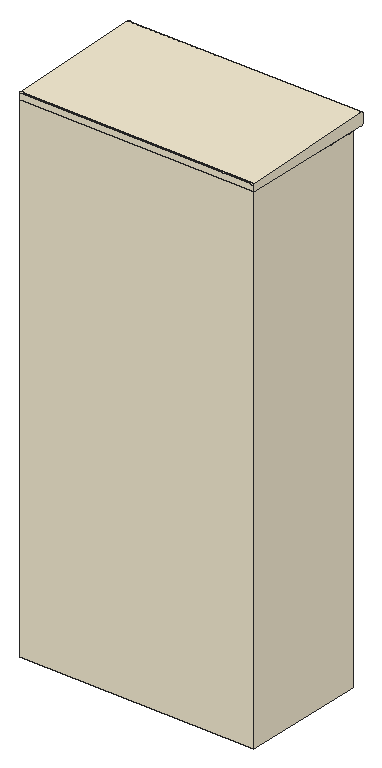
Revit family "Mailboxes_4C-Salsbury_Industries-Free_Standing-11_Door_High_Units", category Specialty Equipment, Revit 2016
Family settings
  Part Type = Normal
  Round Connector Dimension = Use Diameter
  OmniClass Number = 23.40.90.14.11
  OmniClass Title = Mail Boxes
  Work Plane-Based = No
  Always vertical = No
  Cut with Voids When Loaded = No
  Shared = No
  Room Calculation Point = No
Parameters (values of type "3911D-20")
  Width = 31.750"
  URL = "www.mailboxes.com"
  OmniClass 23 Title = "Mail Boxes"
  OmniClass 23 Number = "23.40.90.14.11"
  Visible Door Number [instance] = yes
  Vertical Center Divider = yes
  Version = "5.0 (01/01/21)"
  Type Comments = "Free-Standing 4C Standard Horizontal Mailbox - Front Loading"
  Top Back Plate = yes
  Right Inside Wall = yes
  Model = "3911D-20"
  MasterFormat Title = "Postal Specialties"
  MasterFormat Number = "10 55 00"
  Master Doors Open [instance] = 0.00°
  Master Door Rotation [instance] = if(Master Doors Open < 0.00°, 0.001°, if(Master Doors Open > 90.00°, 89.999°, if(Master Doors Open = 90.00°, 89.999°, Master Doors Open)))  # 0.00°
  Height = 69.375"
  Enclousre Opening - Width = 29.875"
  Enclosure Opening - Height = 40.12415"
  Door Rotation Limitation [instance] = if(Master Doors Open < 0.00°, 0.00°, if(Master Doors Open > 0.00°, 0.00°, Master Doors Open))  # 0.00°
  Manufacturer = "Salsbury Industries"
  Lock Material = Stainless Steel - Salsbury Finish -  Polished
  Left Inside Wall = yes
  Keynote = ""
  Front Panel Material [instance] = Painted Aluminum - Salsbury Finish - Sandstone
  Double Wide Hidden Components = yes
  Door Slot R9 Number [instance] = "18"
  Door Slot R9 = 3700 Series 4C Door Configurations : MB1 Door w/ Divider
  Door Slot R8 Number [instance] = "17"
  Door Slot R8 = 3700 Series 4C Door Configurations : MB1 Door w/ Divider
  Door Slot R7 Number [instance] = "16"
  Door Slot R7 = 3700 Series 4C Door Configurations : MB1 Door w/ Divider
  Door Slot R6 Number [instance] = "0"
  Door Slot R6 = 3700 Series 4C OM2 Configuration : OM2-FL
  Door Slot R5 Number [instance] = "0"
  Door Slot R5 = 3700 Series 4C Door Configurations : Empty
  Door Slot R4 Number [instance] = "15"
  Door Slot R4 = 3700 Series 4C Door Configurations : MB1 Door w/ Divider
  Door Slot R3 Number [instance] = "14"
  Door Slot R3 = 3700 Series 4C Door Configurations : MB1 Door w/ Divider
  Door Slot R2 Number [instance] = "13"
  Door Slot R2 = 3700 Series 4C Door Configurations : MB1 Door w/ Divider
  Door Slot R11 Number [instance] = "20"
  Door Slot R11 = 3700 Series 4C Door Configurations : MB1 Door w/ Divider
  Door Slot R10 Number [instance] = "19"
  Door Slot R10 = 3700 Series 4C Door Configurations : MB1 Door w/ Divider
  Door Slot R1 Number [instance] = "12"
  Door Slot R1 = 3700 Series 4C Door Configurations : MB1 Door
  Door Slot L9 Number [instance] = "9"
  Door Slot L9 = 3700 Series 4C Door Configurations : MB1 Door w/ Divider
  Door Slot L8 Number [instance] = "8"
  Door Slot L8 = 3700 Series 4C Door Configurations : MB1 Door w/ Divider
  Door Slot L7 Number [instance] = "7"
  Door Slot L7 = 3700 Series 4C Door Configurations : MB1 Door w/ Divider
  Door Slot L6 Number [instance] = "6"
  Door Slot L6 = 3700 Series 4C Door Configurations : MB1 Door w/ Divider
  Door Slot L5 Number [instance] = "5"
  Door Slot L5 = 3700 Series 4C Door Configurations : MB1 Door w/ Divider
  Door Slot L4 Number [instance] = "4"
  Door Slot L4 = 3700 Series 4C Door Configurations : MB1 Door w/ Divider
  Door Slot L3 Number [instance] = "3"
  Door Slot L3 = 3700 Series 4C Door Configurations : MB1 Door w/ Divider
  Door Slot L2 Number [instance] = "2"
  Door Slot L2 = 3700 Series 4C Door Configurations : MB1 Door w/ Divider
  Door Slot L11 Number [instance] = "11"
  Door Slot L11 = 3700 Series 4C Door Configurations : MB1 Door w/ Divider
  Door Slot L10 Number [instance] = "10"
  Door Slot L10 = 3700 Series 4C Door Configurations : MB1 Door w/ Divider
  Door Slot L1 Number [instance] = "1"
  Door Slot L1 = 3700 Series 4C Door Configurations : MB1 Door
  NoMasterDoors [instance] = no
  Master Door Control [instance] = if(NoMasterDoors, Door Rotation Limitation, Master Door Rotation)  # 0.00°
  Door Depth = 0.190"
  Description = "11 Door High Unit: 20 MB1, OM2"
  Depth = 18.500"
  4C Unit Depth = 16.450"
  Decals = Polycarbonate Film - Salsbury Finish - White
  Compartment Doors Open [instance] = 0.00°
  Compartment Door Rotation [instance] = if(Compartment Doors Open < 0.00°, 0.00°, if(Compartment Doors Open > 90.00°, 90.00°, Compartment Doors Open))  # 0.00°
  Center Extrusion Offset = 0.000"
  Center Divider Offset = 14.381"
  Bottom Back Plate = yes
  Back Enclosure Material = Aluminum Alloy - Salsbury Finish - Clear (No finish)
  Assembly Description = "Mailboxes"
  Assembly Code = "C1030910"
  AFF Top of Bottom Shelf [instance] = 28.000"
  AFF Bottom of Unit [instance] = AFF Top of Bottom Shelf - 2.059"  # 25.941"
  AFF Bottom of Doors [instance] = AFF Top of Bottom Shelf - 0.154"  # 27.846"
  4C Unit Width = 31.097"
  4C Unit Height = 41.38915"
Reference planes (in)
  plane 1 "Wall Centerline": y = -3
  plane 2 "Center (Left/Right)": x = 0
  plane 3 "Front": y = 0
  plane 4 "28" AFF": z = 28
  plane 5 "36" AFF": z = 36
  plane 6 "48" AFF": z = 48
  plane 7 "Bottom of Unit": z = 26.301
  plane 8 "Top of 4C Unit": z = 67.69015
  plane 9 "Left Side of Unit": x = 15.5485
  plane 10 "Right Side of Unit": x = -15.5485
  plane 11 "28" AFF_Bottom of Unit": z = 23.933
  plane 12 "Top Horiz Trim Align": z = 66.64554
  plane 13 "Bottom Horiz Trim Align": z = 27.34638
  plane 14 "Left Trim Align": x = 14.5035
  plane 15 "Right Trim Align": x = -14.5035
  plane 16 "Left Door Align": x = 13.6475
  plane 17 "Right Door Align": x = -13.6475
  plane 18 "Top Horiz Door Align": z = 66.096
  plane 19 "Bottom Horiz Door Align": z = 27.846
  plane 20 "Front Face of Unit": y = 0.265
  plane 21 "Top Housing Align": z = 66.93811
  plane 22 "Top Collar Align": z = 66.79011
  plane 23 "Top Box Align": z = 66.22124
  plane 24 "Vertical Housing Align": y = -1.205
  plane 25 "Vertical Collar Align": y = -2.205
  plane 26 "Back of 4C Unit": y = -16.185
  plane 27 "Bottom Housing Align": z = 27.05256
  plane 28 "Bottom Collar Align": z = 27.20056
  plane 29 "Bottom Box Align": z = 27.58138
  plane 30 "Door Alignment": y = -0.33191
  plane 31 "Right Housing Align": x = -14.79658
  plane 32 "Right Collar Align": x = -13.6475
  plane 33 "Right Box Side Align": x = -13.03558
  plane 34 "Left Housing Align": x = 14.79658
  plane 35 "Left Collar Align": x = 13.6475
  plane 36 "Left Side Box Align": x = 13.03558
  plane 37 "Top Back Plate Align": z = 65.47224
  plane 38 "Bottom Back Plate Align": z = 28.33038
  plane 39 "Center": y = -8.235
  plane 40 "RO Left Side": x = 14.9375
  plane 41 "RO Right Side": x = -14.9375
  plane 42 "RO Bottom": z = 26.934
  plane 43 "RO Top": z = 67.05815
  plane 44 "Horiz Centerline": z = 32.4705
  plane 45: z = 27.72038
  plane 46: x = 12.95458
  plane 47: x = 12.88233
  plane 48 "Center Extrusion": x = 0
  plane 49 "Center Extrusion Offset": x = 0
  plane 50 "Row 11 Top Align": z = 31.346
  plane 51 "Row 10 Top Align": z = 34.846
  plane 52 "Row 9 Top Align": z = 38.346
  plane 53 "Row 8 Top Align": z = 41.846
  plane 54 "Row 7 Top Align": z = 45.346
  plane 55 "Row 6 Top Align": z = 48.846
  plane 56 "Row 5 Top Align": z = 52.346
  plane 57 "Row 4 Top Align": z = 55.846
  plane 58 "Row 3 Top Align": z = 59.346
  plane 59 "Row 2 Top Align": z = 62.846
  plane 60 "Top Latch Align": z = 58.38315
  plane 61 "Right Latch Align": x = -0.7335
  plane 62 "Left Latch Align": x = 0.7335
  plane 63 "Latch Alignment Edge": x = -15.5485
  plane 64: x = -12.88258
  plane 65: x = -12.95458
  plane 66: y = -16.26703
  plane 67: x = -2.29612
  plane 68: x = -1.15702
  plane 69: x = 1.15617
  plane 70: x = 2.04167
  plane 71: y = -16.10297
  plane 72: x = -1.0775
  plane 73: x = 1.0775
  plane 74: z = 64.18524
  plane 75: z = 29.617
  plane 76: z = 66.26457
  plane 77: z = 27.77538
  plane 78: z = 66.32042
  plane 79: x = 1.11967
  plane 80: x = -1.12052
  plane 81: y = -1.126
  plane 82 "Back Center Divider": x = 0.7625
  plane 83: y = -6
  plane 84 "Single Column Unit Width": x = -6.70398
  plane 85 "Center Extrusion-right side": x = -1.077
  plane 86 "Center Extrusion-left side": x = 1.078
  plane 87 "Master Door Y Plane - Left": x = 14.32093
  plane 88 "Master Door X Plane": y = 0.07473
  plane 89 "Master Door Y Plane - Right": x = -14.3205
  plane 90 "Bottom Shelf AFF": z = 28
  plane 91: x = -15.8755
  plane 92: x = 15.8745
  plane 93 "Back of Enclosure": y = -16.735
  plane 94: x = -15.7945
  plane 95: x = 15.7935
  plane 96: y = -16.654
  plane 97: z = 67.61
  plane 98: z = 67.691
  plane 99: z = 0.081
  plane 100: z = 0
  plane 101 "Top of Unit": z = 69.375
  plane 102 "Front of Unit": y = 1.765
Forms (in)
  Extrusion 1, solid, material "Painted Aluminum - Salsbury Finish - Sandstone" <- "Front Panel Material"
    sketch origin (0, 0, -2.75) x (1, 0, 0) y (0, 0, 1)
      loop
        line (15.5485, 70.44015) -> (-15.5485, 70.44015) -> (-15.5485, 29.051) -> (15.5485, 29.051) -> (15.5485, 70.44015)
      loop
        line (14.5035, 69.39554) -> (-14.5035, 69.39554) -> (-14.5035, 30.09638) -> (14.5035, 30.09638) -> (14.5035, 69.39554)
    from -0.265 to 0
  Extrusion 2, solid, material "Painted Aluminum - Salsbury Finish - Sandstone" <- "Front Panel Material"
    sketch origin (-1.25, 0, 81.33475) x (1, 0, 0) y (0, 0, 1)
      loop
        line (-13.54658, -54.28219) -> (16.04658, -54.28219) -> (16.04658, -14.39664) -> (-13.54658, -14.39664) -> (-13.54658, -54.28219)
      loop
        line (-12.3975, -14.54464) -> (-12.3975, -54.13419) -> (14.8975, -54.13419) -> (14.8975, -14.54464) -> (-12.3975, -14.54464)
    from 0 to 1.205
  Extrusion 3, solid, material "Painted Aluminum - Salsbury Finish - Sandstone" <- "Front Panel Material"
    sketch origin (27.40758, -1.205, -20.16337) x (0, 0, 1) y (-1, 0, 0)
      loop
        line (47.36393, 41.05508) -> (47.36393, 13.76008) -> (86.95347, 13.76008) -> (86.95347, 41.05508) -> (47.36393, 41.05508)
      loop
        line (86.38461, 40.44316) -> (47.74475, 40.44316) -> (47.74475, 14.372) -> (86.38461, 14.372) -> (86.38461, 40.44316)
    from 0 to 1
  Extrusion 4, solid, material "Aluminum Alloy - Salsbury Finish - Clear (No finish)" <- "Back Enclosure Material"
    sketch origin (-1.83189, -1.205, -0.25) x (0, 0, 1) y (-1, 0, 0)
      loop
        line (66.47124, 11.20369) -> (27.83138, 11.20369) -> (27.83138, 11.12269) -> (66.47124, 11.12269) -> (66.47124, 11.20369)
    from 0 to 14.89797
  Extrusion 5, solid, material "Aluminum Alloy - Salsbury Finish - Clear (No finish)" <- "Back Enclosure Material", visible <- "Right Inside Wall"
    sketch origin (13.0175, -1.205, -0.25) x (0, 0, 1) y (-1, 0, 0)
      loop
        line (66.47124, 14.17452) -> (27.83138, 14.17452) -> (27.83138, 14.095) -> (66.47124, 14.095) -> (66.47124, 14.17452)
    from 0 to 14.89797
  Extrusion 6, solid, material "Aluminum Alloy - Salsbury Finish - Clear (No finish)" <- "Back Enclosure Material"
    sketch origin (1.79283, -1.205, -2.75) x (0, 0, 1) y (-1, 0, 0)
      loop
        line (68.97124, -11.24275) -> (68.97124, -11.16175) -> (30.33138, -11.16175) -> (30.33138, -11.24275) -> (68.97124, -11.24275)
    from 0 to 14.89797
  Extrusion 7, solid, material "Aluminum Alloy - Salsbury Finish - Clear (No finish)" <- "Back Enclosure Material", visible <- "Left Inside Wall"
    sketch origin (-11.7675, -1.205, -2.75) x (0, 0, 1) y (-1, 0, 0)
      loop
        line (68.97124, -12.92367) -> (68.97124, -12.845) -> (30.33138, -12.845) -> (30.33138, -12.92367) -> (68.97124, -12.92367)
    from 0 to 14.89797
  Extrusion 8, solid, material "Aluminum Alloy - Salsbury Finish - Clear (No finish)" <- "Back Enclosure Material"
    sketch origin (0, -16.185, -2.75) x (0, 0, 1) y (-1, 0, 0)
      loop
        line (68.97124, 13.03558) -> (30.33138, 13.03558) -> (30.33138, -13.03558) -> (68.97124, -13.03558) -> (68.97124, 13.03558)
    from -0.08203 to 0
  Extrusion 9, solid, material "Aluminum Alloy - Salsbury Finish - Clear (No finish)" <- "Back Enclosure Material"
    sketch origin (-2.5, 1.25, 16.5725) x (1, 0, 0) y (0, 1, 0)
      loop
        line (-10.45458, -2.455) -> (-10.45458, -17.35297) -> (15.45458, -17.35297) -> (15.45458, -2.455) -> (-10.45458, -2.455)
    from 11.14788 to 11.4275
  Extrusion 10, solid, material "Aluminum Alloy - Salsbury Finish - Clear (No finish)" <- "Back Enclosure Material", visible <- "Top Back Plate", detail levels medium+fine
    sketch origin (1.25, -16.185, -2.75) x (0, 0, 1) y (-1, 0, 0)
      loop
        line (68.22224, 3.54612) -> (66.93524, 3.54612) -> (66.93524, -0.79167) -> (68.22224, -0.79167) -> (68.22224, 3.54612)
    from 0 to 0.08203
  Extrusion 11, solid, material "Aluminum Alloy - Salsbury Finish - Clear (No finish)" <- "Back Enclosure Material", visible <- "Bottom Back Plate", detail levels medium+fine
    sketch origin (0, -16.185, 81.36475) x (0, 0, -1) y (1, 0, 0)
      loop
        line (53.03437, -2.29612) -> (53.03437, 2.04167) -> (51.74775, 2.04167) -> (51.74775, -2.29612) -> (53.03437, -2.29612)
    from 0 to 0.08203
  Extrusion 12, void
    sketch origin (0, 0, 0) x (0, 0, 1) y (0, 1, 0)
      loop
        line (66.22124, -1.205) -> (66.64554, -1.205) -> (66.64554, 0) -> (27.34638, 0) -> (27.34638, -1.205) -> (27.58138, -1.205) -> (27.58138, -16.185) -> (66.22124, -16.185) -> (66.22124, -1.205)
    from 1.077 to -1.078
  Extrusion 13, solid, material "Aluminum Alloy - Salsbury Finish - Clear (No finish)" <- "Back Enclosure Material", visible <- "Double Wide Hidden Components"
    sketch origin (-0.77934, 13.06, -0.25) x (0, 0, 1) y (1, 0, 0)
      loop
        line (66.47124, 1.93552) -> (27.83138, 1.93552) -> (27.83138, -0.37767) -> (66.47124, -0.37767) -> (66.47124, 1.93552)
    from -14.186 to -14.265
  Extrusion 14, solid, material "Aluminum Alloy - Salsbury Finish - Clear (No finish)" <- "Back Enclosure Material"
    sketch origin (1.25, 1.25, 70.69821) x (0, 1, 0) y (-1, 0, 0)
      loop
        line (-2.455, 14.20458) -> (-17.35297, 14.20458) -> (-17.35297, -11.70458) -> (-2.455, -11.70458) -> (-2.455, 14.20458)
    from -4.60221 to -4.47697
  Extrusion 15, solid, material "Painted Aluminum - Salsbury Finish - Sandstone" <- "Front Panel Material"
    sketch origin (0, -16.735, 0) x (1, 0, 0) y (0, 0, 1)
      loop
        line (15.8745, 67.691) -> (-15.8755, 67.691) -> (-15.8755, 0) -> (15.8745, 0) -> (15.8745, 67.691)
    from -16.735 to 0
  Extrusion 16, void
    sketch origin (0, -16.735, -2.75) x (1, 0, 0) y (0, 0, 1)
      loop
        line (15.5485, 70.44015) -> (-15.5485, 70.44015) -> (-15.5485, 29.051) -> (15.5485, 29.051) -> (15.5485, 70.44015)
    from -16.735 to -0.081
  Extrusion 17, solid, material "Painted Aluminum - Salsbury Finish - Sandstone" <- "Front Panel Material"
    sketch origin (-15.5485, 0, -0.25) x (0, 0, 1) y (0, 1, 0)
      loop
        line (67.941, 1.45465) -> (67.941, -16.735) -> (68.77894, -16.735)
        arc (68.77894, -16.735) -> (68.85645, -16.70289) -> (68.88856, -16.62537) r 0.10963
        line (68.88856, -16.62537) -> (69.625, 1.55035)
        arc (69.625, 1.55035) -> (69.51079, 1.70574) -> (69.32726, 1.765) r 0.31382
        line (69.32726, 1.765) -> (68.25135, 1.765)
        arc (68.25135, 1.765) -> (68.0319, 1.6741) -> (67.941, 1.45465) r 0.31035
    from -31.423 to 0.327
Cuts and joins
  Extrusion 12 cuts Extrusion 1
  Extrusion 12 cuts Extrusion 3
  Extrusion 12 cuts Extrusion 9
  Extrusion 12 cuts Extrusion 8
  Extrusion 12 cuts Extrusion 10
  Extrusion 12 cuts Extrusion 11
  Extrusion 12 cuts Extrusion 14
  Extrusion 16 cuts Extrusion 15
Lines and regions (in)
  model lines
    curve 1: line (15.5485, 0.265, 67.69015) -> (14.5035, 0.265, 66.64554)
    curve 2: line (-15.5485, 0.265, 67.69015) -> (-14.5035, 0.265, 66.64554)
    curve 3: line (-15.5485, 0.265, 26.301) -> (-14.5035, 0.265, 27.34638)
    curve 4: line (15.5485, 0.265, 26.301) -> (14.5035, 0.265, 27.34638)
  reference lines, not visible
    curve 5: line (13.6475, 0.07473, 26.301) -> (13.6475, 0.07473, 69.375)
    curve 12: line (14.32093, 0.07473, 26.301) -> (14.32093, 0.07473, 69.375)
    curve 13: line (14.32093, 0.07473, 26.301) -> (14.32093, -0.26698, 26.301)
    curve 14: line (14.32093, 0.07473, 26.301) -> (14.72347, 0.07473, 26.301)
  symbolic lines
    curve 6: line (-15.5485, 0.265, 27.846) -> (15.5485, 0.265, 27.846)
    curve 7: line (-15.5485, 0, 27.846) -> (-15.5485, 0.265, 27.846)
    curve 8: line (15.5485, 0.265, 27.846) -> (15.5485, 0, 27.846)
    curve 9: line (-13.6475, 0.265, 27.846) -> (-13.6475, 1.43, 27.846)
    curve 10: line (-13.6475, 1.43, 27.846) -> (-0.7335, 1.43, 27.846)
    curve 11: line (-0.7335, 1.43, 27.846) -> (-0.7335, 0.265, 27.846)
    curve 15: line (15.5485, -0.33191, 67.69015) -> (-15.5485, -0.33191, 67.69015)
    curve 16: line (15.5485, -0.33191, 26.301) -> (15.5485, -0.33191, 67.69015)
    curve 17: line (-15.5485, -0.33191, 26.301) -> (15.5485, -0.33191, 26.301)
    curve 18: line (-15.5485, -0.33191, 67.69015) -> (-15.5485, -0.33191, 26.301)
    curve 19: line (14.5035, -0.33191, 66.64554) -> (-14.5035, -0.33191, 66.64554)
    curve 20: line (14.5035, -0.33191, 27.34638) -> (14.5035, -0.33191, 66.64554)
    curve 21: line (-14.5035, -0.33191, 27.34638) -> (14.5035, -0.33191, 27.34638)
    curve 22: line (-14.5035, -0.33191, 66.64554) -> (-14.5035, -0.33191, 27.34638)
    curve 23: line (0, 0, 67.69015) -> (0, 0.265, 67.69015)
    curve 24: line (0, 0, 0) -> (0, 0, 67.69015)
    curve 25: line (0, 0.265, 26.301) -> (0, 0, 26.301)
    curve 26: line (0, 0.265, 67.69015) -> (0, 0.265, 26.301)
    curve 31: line (15.8745, -16.735, 67.691) -> (-15.8755, -16.735, 67.691)
    curve 32: line (15.8745, -16.735, 0) -> (15.8745, -16.735, 69.375)
    curve 33: line (-15.8755, -16.735, 0) -> (15.8745, -16.735, 0)
    curve 34: line (-15.8755, -16.735, 69.375) -> (-15.8755, -16.735, 0)
    curve 35: line (15.8745, 1.765, 67.69015) -> (-15.8755, 1.765, 67.69015)
    curve 36: line (15.8745, -16.735, 67.69015) -> (15.8745, 1.765, 67.69015)
    curve 37: line (-15.8755, 1.765, 67.69015) -> (-15.8755, -16.735, 67.69015)
    curve 38: line (-15.8755, -16.735, 67.69015) -> (15.8745, -16.735, 67.69015)
    curve 39: line (-13.6475, 1.45465, 67.691) -> (-13.6475, -16.735, 67.691)
    curve 40: line (-13.6475, -16.735, 68.57866) -> (-13.6475, -16.735, 0)
    curve 41: line (-13.6475, -16.735, 0) -> (-13.6475, 0, 0)
    curve 42: line (-15.8755, -16.735, 69.375) -> (15.8745, -16.735, 69.375)
    curve 43: arc (-14.5035, 1.765, 68.00135) -> (-14.5035, 1.6741, 67.7819) -> (-14.5035, 1.45465, 67.691) r 0.31035
    curve 44: line (-14.5035, 1.765, 68.00135) -> (-14.5035, 1.765, 69.07726)
    curve 45: arc (-14.5035, 1.55035, 69.375) -> (-14.5035, 1.70574, 69.26079) -> (-14.5035, 1.765, 69.07726) r 0.31382
    curve 46: line (-14.5035, 1.55035, 69.375) -> (-14.5035, -16.63424, 68.6382)
    curve 47: arc (-14.5035, -16.735, 68.52894) -> (-14.5035, -16.70597, 68.60325) -> (-14.5035, -16.63424, 68.6382) r 0.10963
  reference lines
    curve 27: line (-14.3205, 0.07473, 26.301) -> (-14.69923, 0.07473, 26.301)
    curve 28: line (-14.3205, 0.07473, 26.301) -> (-14.3205, -0.30114, 26.301)
    curve 29: line (-14.3205, 0.07473, 69.375) -> (-14.3205, 0.07473, 26.301)
    curve 30: line (-13.6475, 0.07473, 69.375) -> (-13.6475, 0.07473, 26.301)
Text (in)
  text "Placement Side" at (0, 40.15149, 123.01588), in view "Right"
  text "Placement Side" at (-58.6842, 42.74981, 0), in view "Ref. Level"
  text "Placement Side" at (0, 47.49176, 140.59947), in view "Left"
Dimensions and locks (in)
  "AFF Bottom of Doors": level to plane 19 "Bottom Horiz Door Align"
  locked: level to plane 4 "28" AFF" at 28
  locked: level to plane 5 "36" AFF" at 36
  locked: level to plane 6 "48" AFF" at 48
  locked: plane 7 "Bottom of Unit" to plane 19 "Bottom Horiz Door Align" at 1.545
  "4C Unit Height": plane 7 "Bottom of Unit" to plane 8 "Top of 4C Unit"
  plane 11 "28" AFF_Bottom of Unit" to plane 4 "28" AFF" = 4.067"
  locked: plane 18 "Top Horiz Door Align" to plane 12 "Top Horiz Trim Align" at 0.54954
  plane 4 "28" AFF" to level = 28.000"
  plane 5 "36" AFF" to level = 36.000"
  plane 6 "48" AFF" to level = 48.000"
  locked: plane 8 "Top of 4C Unit" to plane 23 "Top Box Align" at 1.46891
  locked: plane 23 "Top Box Align" to plane 37 "Top Back Plate Align" at 0.749
  locked: plane 38 "Bottom Back Plate Align" to plane 29 "Bottom Box Align" at 0.749
  locked: plane 7 "Bottom of Unit" to plane 42 "RO Bottom" at 0.633
  Extrusion 4 to Extrusion 4 = 0.081"
  Extrusion 6 to Extrusion 6 = 0.081"
  locked: plane 46 to plane 36 "Left Side Box Align" at 0.081
  locked: plane 47 to plane 46 at 0.07225
  "Center Extrusion Offset": plane 48 "Center Extrusion" to plane 49 "Center Extrusion Offset"
  plane 19 "Bottom Horiz Door Align" to plane 50 "Row 11 Top Align" to plane 51 "Row 10 Top Align" to plane 52 "Row 9 Top Align" to plane 53 "Row 8 Top Align" to plane 54 "Row 7 Top Align" to plane 55 "Row 6 Top Align" to plane 56 "Row 5 Top Align" to plane 57 "Row 4 Top Align" to plane 58 "Row 3 Top Align" to plane 59 "Row 2 Top Align" = 3.500", 3.500" locked, 3.500" locked, 3.500" locked, 3.500" locked, 3.500" locked, 3.500" locked, 3.500" locked, 3.500" locked, 3.500" locked
  locked: plane 23 "Top Box Align" to plane 60 "Top Latch Align" at 7.83809
  plane 33 "Right Box Side Align" to plane 65 to plane 64 = 0.081" locked, 0.072" locked
  plane 66 to plane 26 "Back of 4C Unit" = 0.08203"
  plane 26 "Back of 4C Unit" to plane 71 = 0.08203"
  plane 67 to plane 68 to plane 80 to plane 72 = 1.1391", 0.0365" locked, 0.04302" locked
  plane 73 to plane 79 to plane 69 to plane 70 = 0.04217" locked, 0.0365" locked, 0.8855"
  locked: plane 37 "Top Back Plate Align" to plane 74 at 1.287
  locked: plane 75 to plane 38 "Bottom Back Plate Align" at 1.28662
  plane 23 "Top Box Align" to plane 76 = 0.04334"
  plane 20 "Front Face of Unit" to plane 30 "Door Alignment" to plane 24 "Vertical Housing Align" to plane 25 "Vertical Collar Align" = 0.59691" locked, 0.87309" locked, 1.000" locked
  "4C Unit Depth": plane 20 "Front Face of Unit" to plane 26 "Back of 4C Unit"
  locked: plane 27 "Bottom Housing Align" to plane 7 "Bottom of Unit" at 0.75156
  locked: plane 12 "Top Horiz Trim Align" to plane 8 "Top of 4C Unit" at 1.04462
  locked: plane 7 "Bottom of Unit" to plane 13 "Bottom Horiz Trim Align" at 1.04538
  "Enclosure Opening - Height": plane 42 "RO Bottom" to plane 43 "RO Top"
  plane 62 "Left Latch Align" to plane 16 "Left Door Align" = 12.914"
  plane 72 to plane 73 = 2.155"
  plane 61 "Right Latch Align" to plane 2 "Center (Left/Right)" to plane 62 "Left Latch Align" = 0.7335", 0.7335"
  locked: plane 61 "Right Latch Align" to plane 62 "Left Latch Align" at 1.467
  locked: plane 24 "Vertical Housing Align" to plane 81 at 0.079
  plane 68 to plane 69 = 2.31319"
  plane 62 "Left Latch Align" to plane 82 "Back Center Divider" = 0.029"
  plane 9 "Left Side of Unit" to plane 34 "Left Housing Align" to plane 14 "Left Trim Align" to plane 16 "Left Door Align" to plane 35 "Left Collar Align" to plane 36 "Left Side Box Align" = 0.75192" locked, 0.29308" locked, 0.856" locked, 0.000", 0.61192"
  plane 33 "Right Box Side Align" to plane 32 "Right Collar Align" to plane 17 "Right Door Align" to plane 15 "Right Trim Align" to plane 31 "Right Housing Align" to plane 10 "Right Side of Unit" = 0.61192", 0.000", 0.856" locked, 0.29308" locked, 0.75192" locked
  "Enclousre Opening - Width": plane 41 "RO Right Side" to plane 40 "RO Left Side"
  "4C Unit Width": plane 10 "Right Side of Unit" to plane 9 "Left Side of Unit"
  plane 85 "Center Extrusion-right side" to plane 49 "Center Extrusion Offset" to plane 86 "Center Extrusion-left side" = 1.077" locked, 1.078" locked
  "Center Extrusion Offset": plane 49 "Center Extrusion Offset" to plane 2 "Center (Left/Right)"
  "Center Divider Offset": plane 61 "Right Latch Align" to plane 16 "Left Door Align"
  locked: plane 20 "Front Face of Unit" to plane 88 "Master Door X Plane" at 0.19027
  locked: plane 87 "Master Door Y Plane - Left" to plane 9 "Left Side of Unit" at 1.22757
  locked: plane 10 "Right Side of Unit" to plane 89 "Master Door Y Plane - Right" at 1.228
  locked: curve 13 to nested 23 at 0.18257
  nested 23 to curve 14 = 0.19027"
  locked: curve 14 to curve 5 at 0.67343
  locked: curve 14 to nested 12 at 0.19027
  locked: curve 14 to nested 13 at 0.19
  locked: curve 14 to nested 14 at 0.19
  locked: curve 14 to nested 15 at 0.19
  locked: curve 14 to nested 16 at 0.19
  locked: curve 14 to nested 17 at 0.19
  locked: curve 14 to nested 18 at 0.19
  locked: curve 14 to nested 19 at 0.19
  locked: curve 14 to nested 20 at 0.19
  locked: curve 14 to nested 21 at 0.19
  locked: curve 14 to nested 22 at 0.19
  locked: curve 13 to nested 12 at 0.6727
  locked: curve 13 to nested 13 at 0.6727
  locked: curve 13 to nested 14 at 0.6727
  locked: curve 13 to nested 15 at 0.6727
  locked: curve 13 to nested 16 at 0.6727
  locked: curve 13 to nested 17 at 0.6727
  locked: curve 13 to nested 18 at 0.6727
  locked: curve 13 to nested 19 at 0.6727
  locked: curve 13 to nested 20 at 0.6727
  locked: curve 13 to nested 21 at 0.6727
  locked: curve 13 to nested 22 at 0.6727
  locked: nested 25 to curve 13 at 13.55843
  locked: nested 25 to curve 14 at 0.40663
  locked: nested 26 to curve 13 at 0.67343
  locked: curve 14 to nested 26 at 0.19027
  locked: nested 28 to curve 13 at 0.67343
  locked: curve 14 to nested 28 at 0.19027
  locked: curve 29 to curve 30 at 0.673
  locked: nested 30 to curve 27 at 0.19027
  locked: curve 28 to nested 29 at 0.673
  locked: curve 27 to nested 29 at 0.19
  locked: nested 30 to curve 28 at 0.183
  locked: curve 27 to nested 27 at 0.19
  locked: curve 28 to nested 27 at 0.673
  locked: curve 28 to nested 1 at 0.673
  locked: curve 28 to nested 2 at 0.673
  locked: curve 28 to nested 3 at 0.673
  locked: curve 28 to nested 4 at 0.673
  locked: curve 28 to nested 5 at 0.673
  locked: curve 28 to nested 6 at 0.673
  locked: curve 28 to nested 7 at 0.673
  locked: curve 28 to nested 8 at 0.673
  locked: curve 28 to nested 9 at 0.673
  locked: curve 28 to nested 10 at 0.673
  locked: curve 28 to nested 11 at 0.673
  locked: curve 27 to nested 1 at 0.19
  locked: curve 27 to nested 2 at 0.19
  locked: curve 27 to nested 3 at 0.19
  locked: curve 27 to nested 4 at 0.19
  locked: curve 27 to nested 5 at 0.19
  locked: curve 27 to nested 6 at 0.19
  locked: curve 27 to nested 7 at 0.19
  locked: curve 27 to nested 9 at 0.19
  locked: curve 27 to nested 10 at 0.19
  locked: curve 27 to nested 11 at 0.19
  locked: nested 24 to curve 27 at 0.05777
  locked: curve 28 to nested 24 at 14.3205
  locked: curve 27 to nested 8 at 0.407
  locked: plane 17 "Right Door Align" to curve 11 at 12.914
  plane 22 "Top Collar Align" to plane 21 "Top Housing Align" to plane 43 "RO Top" = 0.148" locked, 0.12005" locked
  locked: plane 27 "Bottom Housing Align" to plane 28 "Bottom Collar Align" at 0.148
  locked: plane 29 "Bottom Box Align" to plane 7 "Bottom of Unit" at 1.28038
  plane 29 "Bottom Box Align" to plane 45 to plane 77 = 0.139" locked, 0.055" locked
  level to nested 12 = 64.249"
  "AFF Top of Bottom Shelf": level to plane 90 "Bottom Shelf AFF"
  locked: plane 91 to plane 94 at 0.081
  locked: plane 95 to plane 92 at 0.081
  locked: plane 93 "Back of Enclosure" to plane 96 at 0.081
  locked: plane 100 to plane 99 at 0.081
  locked: plane 97 to plane 98 at 0.081
  "Width": plane 92 to plane 91
  equal spacing: plane 93 "Back of Enclosure", plane 39 "Center", plane 20 "Front Face of Unit"
  "Depth": plane 93 "Back of Enclosure" to plane 102 "Front of Unit"
  plane 100 to plane 44 "Horiz Centerline" to plane 98 = 32.4705", 35.2205"
  "Height": plane 100 to plane 101 "Top of Unit"
  locked: plane 91 to plane 10 "Right Side of Unit" at 0.327
  locked: curve 13 to curve 14 (angle 90.00°)
  "Master Door Control": angle curve 14 to plane 88 "Master Door X Plane"
  locked: curve 27 to curve 28 (angle 90.00°)
  "Master Door Control": angle plane 88 "Master Door X Plane" to curve 27
  aligned and locked: plane 7 "Bottom of Unit" to Extrusion 1 sketch curve
  aligned and locked: plane 9 "Left Side of Unit" to Extrusion 1 sketch curve
  aligned and locked: Extrusion 1 sketch curve to plane 10 "Right Side of Unit"
  aligned and locked: Extrusion 1 sketch curve to plane 8 "Top of 4C Unit"
  aligned and locked: plane 20 "Front Face of Unit" to Extrusion 1
  aligned and locked: plane 33 "Right Box Side Align" to Extrusion 8 sketch curve
  aligned and locked: Extrusion 8 sketch curve to plane 36 "Left Side Box Align"
  aligned and locked: plane 29 "Bottom Box Align" to Extrusion 8 sketch curve
  aligned and locked: plane 24 "Vertical Housing Align" to Extrusion 9 sketch curve
  aligned and locked: Extrusion 9 sketch curve to plane 46
  aligned and locked: plane 10 "Right Side of Unit" to plane 63 "Latch Alignment Edge"
  aligned and locked: plane 20 "Front Face of Unit" to cut or joined group of Extrusion 1, Extrusion 12
  aligned and locked: plane 3 "Front" to cut or joined group of Extrusion 1, Extrusion 12
  aligned and locked: plane 25 "Vertical Collar Align" to cut or joined group of Extrusion 3, Extrusion 12
  aligned and locked: cut or joined group of Extrusion 3, Extrusion 12 to plane 32 "Right Collar Align"
  aligned and locked: cut or joined group of Extrusion 3, Extrusion 12 to plane 24 "Vertical Housing Align"
  aligned and locked: plane 35 "Left Collar Align" to cut or joined group of Extrusion 3, Extrusion 12
  aligned and locked: plane 36 "Left Side Box Align" to Extrusion 6
  aligned and locked: Extrusion 6 to plane 46  (x2)
  aligned and locked: plane 26 "Back of 4C Unit" to cut or joined group of Extrusion 8, Extrusion 12
  aligned and locked: Extrusion 4 to plane 33 "Right Box Side Align"
  aligned and locked: plane 36 "Left Side Box Align" to cut or joined group of Extrusion 8, Extrusion 12
  aligned and locked: Extrusion 4 to plane 65
  aligned and locked: plane 66 to cut or joined group of Extrusion 10, Extrusion 12
  aligned and locked: plane 66 to cut or joined group of Extrusion 11, Extrusion 12
  aligned and locked: cut or joined group of Extrusion 10, Extrusion 12 to plane 26 "Back of 4C Unit"
  aligned and locked: cut or joined group of Extrusion 11, Extrusion 12 to plane 26 "Back of 4C Unit"
  aligned and locked: plane 69 to Extrusion 7
  aligned and locked: Extrusion 5 to plane 68
  aligned and locked: plane 70 to cut or joined group of Extrusion 10, Extrusion 12
  aligned and locked: plane 67 to cut or joined group of Extrusion 10, Extrusion 12  (x2)
  aligned and locked: plane 67 to cut or joined group of Extrusion 11, Extrusion 12  (x2)
  aligned and locked: cut or joined group of Extrusion 11, Extrusion 12 to plane 70  (x2)
  aligned and locked: plane 71 to cut or joined group of Extrusion 8, Extrusion 12
  aligned and locked: Extrusion 6 to plane 24 "Vertical Housing Align"
  aligned and locked: Extrusion 7 to plane 24 "Vertical Housing Align"
  aligned and locked: Extrusion 5 to plane 24 "Vertical Housing Align"
  aligned and locked: Extrusion 4 to plane 24 "Vertical Housing Align"
  aligned and locked: plane 71 to Extrusion 6
  aligned and locked: plane 71 to Extrusion 7
  aligned and locked: plane 71 to Extrusion 5
  aligned and locked: plane 71 to Extrusion 4
  aligned and locked: plane 26 "Back of 4C Unit" to Extrusion 12
  aligned and locked: cut or joined group of Extrusion 3, Extrusion 12 to plane 28 "Bottom Collar Align"
  aligned and locked: plane 22 "Top Collar Align" to cut or joined group of Extrusion 3, Extrusion 12
  aligned and locked: plane 9 "Left Side of Unit" to curve 1
  aligned and locked: plane 8 "Top of 4C Unit" to curve 1
  aligned and locked: plane 14 "Left Trim Align" to curve 1
  aligned and locked: plane 12 "Top Horiz Trim Align" to curve 1
  aligned and locked: plane 10 "Right Side of Unit" to curve 2
  aligned and locked: plane 8 "Top of 4C Unit" to curve 2
  aligned and locked: plane 15 "Right Trim Align" to curve 2
  aligned and locked: plane 12 "Top Horiz Trim Align" to curve 2
  aligned and locked: plane 7 "Bottom of Unit" to curve 4
  aligned and locked: plane 14 "Left Trim Align" to curve 4
  aligned and locked: plane 13 "Bottom Horiz Trim Align" to curve 4
  aligned and locked: plane 7 "Bottom of Unit" to curve 3
  aligned and locked: plane 10 "Right Side of Unit" to curve 3
  aligned and locked: plane 15 "Right Trim Align" to curve 3
  aligned and locked: plane 13 "Bottom Horiz Trim Align" to curve 3
  aligned and locked: cut or joined group of Extrusion 10, Extrusion 12 to plane 70
  aligned and locked: cut or joined group of Extrusion 11, Extrusion 12 to plane 38 "Bottom Back Plate Align"
  aligned and locked: plane 75 to cut or joined group of Extrusion 11, Extrusion 12
  aligned and locked: plane 23 "Top Box Align" to Extrusion 4
  aligned and locked: Extrusion 4 to plane 29 "Bottom Box Align"
  aligned and locked: plane 23 "Top Box Align" to Extrusion 5
  aligned and locked: Extrusion 5 to plane 29 "Bottom Box Align"
  aligned and locked: Extrusion 7 to plane 29 "Bottom Box Align"
  aligned and locked: plane 23 "Top Box Align" to Extrusion 7
  aligned and locked: Extrusion 6 to plane 29 "Bottom Box Align"
  aligned and locked: plane 71 to cut or joined group of Extrusion 9, Extrusion 12
  aligned and locked: cut or joined group of Extrusion 9, Extrusion 12 to plane 65
  aligned and locked: plane 51 "Row 10 Top Align" to nested 9
  aligned and locked: plane 54 "Row 7 Top Align" to nested 17
  aligned and locked: plane 55 "Row 6 Top Align" to nested 5
  aligned and locked: plane 57 "Row 4 Top Align" to nested 14
  aligned and locked: plane 53 "Row 8 Top Align" to nested 7
  aligned and locked: plane 53 "Row 8 Top Align" to nested 18
  aligned and locked: Extrusion 3 to plane 23 "Top Box Align"
  aligned and locked: Extrusion 3 to plane 36 "Left Side Box Align"
  aligned and locked: plane 33 "Right Box Side Align" to Extrusion 3
  aligned and locked: Extrusion 2 sketch curve to plane 28 "Bottom Collar Align"
  aligned and locked: plane 27 "Bottom Housing Align" to Extrusion 2 sketch curve
  aligned and locked: plane 22 "Top Collar Align" to Extrusion 2 sketch curve
  aligned and locked: Extrusion 2 sketch curve to plane 21 "Top Housing Align"
  aligned and locked: plane 23 "Top Box Align" to Extrusion 6
  aligned and locked: plane 23 "Top Box Align" to Extrusion 8
  aligned and locked: Extrusion 12 sketch curve to plane 23 "Top Box Align"
  aligned and locked: plane 24 "Vertical Housing Align" to Extrusion 12 sketch curve  (x2)
  aligned and locked: Extrusion 12 sketch curve to plane 13 "Bottom Horiz Trim Align"
  aligned and locked: Extrusion 12 sketch curve to plane 26 "Back of 4C Unit"
  aligned and locked: cut or joined group of Extrusion 9, Extrusion 12 to plane 45
  aligned and locked: plane 29 "Bottom Box Align" to Extrusion 12 sketch curve
  aligned and locked: plane 12 "Top Horiz Trim Align" to Extrusion 12 sketch curve
  aligned and locked: Extrusion 5 to plane 72
  aligned and locked: plane 73 to Extrusion 7
  aligned and locked: plane 50 "Row 11 Top Align" to nested 10
  aligned and locked: plane 56 "Row 5 Top Align" to nested 4
  aligned and locked: plane 57 "Row 4 Top Align" to nested 3
  aligned and locked: plane 58 "Row 3 Top Align" to nested 2
  aligned and locked: plane 59 "Row 2 Top Align" to nested 1
  aligned and locked: plane 50 "Row 11 Top Align" to nested 21
  aligned and locked: plane 52 "Row 9 Top Align" to nested 19
  aligned and locked: plane 58 "Row 3 Top Align" to nested 13
  aligned and locked: plane 69 to Extrusion 13
  aligned and locked: Extrusion 13 to plane 68
  aligned and locked: plane 24 "Vertical Housing Align" to Extrusion 13
  aligned and locked: Extrusion 13 to plane 81
  aligned and locked: cut or joined group of Extrusion 1, Extrusion 12 to Extrusion 12 sketch curve
  aligned and locked: plane 46 to Extrusion 14
  aligned and locked: Extrusion 14 to plane 65
  aligned and locked: plane 71 to Extrusion 14
  aligned and locked: Extrusion 14 to plane 24 "Vertical Housing Align"
  aligned and locked: plane 23 "Top Box Align" to Extrusion 14
  aligned and locked: Extrusion 14 to plane 18 "Top Horiz Door Align"
  aligned and locked: cut or joined group of Extrusion 12, Extrusion 14 to plane 86 "Center Extrusion-left side"
  aligned and locked: plane 85 "Center Extrusion-right side" to cut or joined group of Extrusion 9, Extrusion 12
  aligned and locked: plane 88 "Master Door X Plane" to curve 13
  aligned and locked: plane 87 "Master Door Y Plane - Left" to curve 12
  aligned and locked: plane 59 "Row 2 Top Align" to nested 12
  aligned and locked: plane 56 "Row 5 Top Align" to nested 15
  aligned and locked: plane 55 "Row 6 Top Align" to nested 16
  aligned and locked: plane 51 "Row 10 Top Align" to nested 20
  aligned and locked: nested 23 to plane 13 "Bottom Horiz Trim Align"
  aligned and locked: plane 13 "Bottom Horiz Trim Align" to nested 30
  aligned and locked: nested 25 to plane 13 "Bottom Horiz Trim Align"
  aligned and locked: nested 24 to plane 13 "Bottom Horiz Trim Align"
  aligned and locked: nested 26 to plane 13 "Bottom Horiz Trim Align"
  aligned and locked: plane 13 "Bottom Horiz Trim Align" to nested 27
  aligned and locked: nested 28 to plane 12 "Top Horiz Trim Align"
  aligned and locked: plane 12 "Top Horiz Trim Align" to nested 29
  aligned and locked: plane 23 "Top Box Align" to Extrusion 13
  aligned and locked: Extrusion 13 to plane 29 "Bottom Box Align"
  aligned and locked: plane 7 "Bottom of Unit" to curve 17
  aligned and locked: curve 18 to plane 10 "Right Side of Unit"
  aligned and locked: plane 9 "Left Side of Unit" to curve 16
  aligned and locked: curve 15 to plane 8 "Top of 4C Unit"
  aligned and locked: plane 13 "Bottom Horiz Trim Align" to curve 21
  aligned and locked: plane 15 "Right Trim Align" to curve 22
  aligned and locked: plane 14 "Left Trim Align" to curve 20
  aligned and locked: curve 19 to plane 12 "Top Horiz Trim Align"
  aligned and locked: curve 26 to plane 20 "Front Face of Unit"
  aligned and locked: plane 7 "Bottom of Unit" to curve 25
  aligned and locked: curve 24 to plane 3 "Front"
  aligned and locked: curve 23 to plane 8 "Top of 4C Unit"
  aligned and locked: plane 89 "Master Door Y Plane - Right" to curve 27
  aligned and locked: plane 88 "Master Door X Plane" to curve 27
  aligned and locked: plane 17 "Right Door Align" to curve 9
  aligned and locked: Extrusion 10 to plane 37 "Top Back Plate Align"
  aligned and locked: plane 74 to cut or joined group of Extrusion 10, Extrusion 12
  aligned and locked: Extrusion 3 sketch curve to plane 22 "Top Collar Align"
  aligned and locked: Extrusion 3 sketch curve to plane 23 "Top Box Align"
  aligned and locked: plane 28 "Bottom Collar Align" to Extrusion 3 sketch curve
  aligned and locked: plane 29 "Bottom Box Align" to Extrusion 3 sketch curve
  aligned and locked: plane 90 "Bottom Shelf AFF" to cut or joined group of Extrusion 9, Extrusion 12
  aligned and locked: Extrusion 15 sketch curve to plane 98
  aligned and locked: plane 92 to Extrusion 15 sketch curve
  aligned and locked: plane 100 to Extrusion 15 sketch curve
  aligned and locked: Extrusion 15 sketch curve to plane 91
  aligned and locked: plane 93 "Back of Enclosure" to Extrusion 15
  aligned and locked: Extrusion 15 to plane 3 "Front"
  aligned and locked: plane 96 to Extrusion 16
  aligned and locked: Extrusion 16 to plane 3 "Front"
  aligned and locked: Extrusion 16 sketch curve to plane 8 "Top of 4C Unit"
  aligned and locked: plane 9 "Left Side of Unit" to Extrusion 16 sketch curve
  aligned and locked: plane 7 "Bottom of Unit" to Extrusion 16 sketch curve
  aligned and locked: Extrusion 16 sketch curve to plane 63 "Latch Alignment Edge"
  aligned and locked: curve 31 to cut or joined group of Extrusion 15, Extrusion 16
  aligned and locked: curve 32 to cut or joined group of Extrusion 15, Extrusion 16
  aligned and locked: curve 33 to cut or joined group of Extrusion 15, Extrusion 16
  aligned and locked: curve 34 to cut or joined group of Extrusion 15, Extrusion 16
  aligned and locked: curve 36 to cut or joined group of Extrusion 15, Extrusion 16
  aligned and locked: curve 37 to cut or joined group of Extrusion 15, Extrusion 16
  aligned and locked: curve 38 to cut or joined group of Extrusion 15, Extrusion 16
  aligned and locked: curve 39 to cut or joined group of Extrusion 15, Extrusion 16
  aligned and locked: curve 40 to cut or joined group of Extrusion 15, Extrusion 16
  aligned and locked: curve 41 to cut or joined group of Extrusion 15, Extrusion 16
  aligned and locked: Extrusion 17 to plane 91
  aligned and locked: plane 92 to Extrusion 17
  aligned and locked: plane 93 "Back of Enclosure" to Extrusion 17
  aligned and locked: Extrusion 17 to plane 102 "Front of Unit"
  aligned and locked: plane 98 to Extrusion 17
  aligned and locked: plane 101 "Top of Unit" to Extrusion 17 sketch curve
  aligned and locked: curve 42 to Extrusion 17
  aligned and locked: curve 35 to plane 102 "Front of Unit"
  aligned and locked: curve 43 to Extrusion 17
  aligned and locked: curve 45 to Extrusion 17
  aligned and locked: curve 46 to Extrusion 17
  aligned and locked: curve 47 to Extrusion 17
  aligned and locked: Extrusion 1 sketch curve to curve 19
  aligned and locked: Extrusion 1 sketch curve to curve 20
  aligned and locked: Extrusion 1 sketch curve to curve 21
  aligned and locked: Extrusion 1 sketch curve to curve 22
  aligned and locked: Extrusion 2 sketch curve to plane 17 "Right Door Align"
  aligned and locked: Extrusion 2 sketch curve to plane 16 "Left Door Align"
  aligned and locked: plane 17 "Right Door Align" to Extrusion 3 sketch curve
  aligned and locked: plane 16 "Left Door Align" to Extrusion 3 sketch curve
  aligned and locked: plane 19 "Bottom Horiz Door Align" to nested 11
  aligned and locked: plane 19 "Bottom Horiz Door Align" to nested 22
  aligned and locked: plane 54 "Row 7 Top Align" to nested 8
  aligned and locked: plane 52 "Row 9 Top Align" to nested 6
Automatic sketch dimensions
  plane 9 "Left Side of Unit" to curve 4 = 0.000"
  plane 31 "Right Housing Align" to Extrusion 2 sketch curve = 0.000"
  plane 34 "Left Housing Align" to Extrusion 2 sketch curve = 0.000"
  Extrusion 3 sketch curve to plane 33 "Right Box Side Align" = 0.000"
  Extrusion 3 sketch curve to plane 36 "Left Side Box Align" = 0.000"
  plane 29 "Bottom Box Align" to Extrusion 4 sketch curve = 0.000"
  plane 23 "Top Box Align" to Extrusion 4 sketch curve = 0.000"
  plane 65 to Extrusion 4 sketch curve = 0.000"
  Extrusion 4 sketch curve to plane 33 "Right Box Side Align" = 0.000"
  plane 29 "Bottom Box Align" to Extrusion 5 sketch curve = 0.000"
  plane 23 "Top Box Align" to Extrusion 5 sketch curve = 0.000"
  Extrusion 5 sketch curve to plane 72 = 0.000"
  Extrusion 5 sketch curve to plane 68 = 0.000"
  plane 29 "Bottom Box Align" to Extrusion 6 sketch curve = 0.000"
  Extrusion 6 sketch curve to plane 23 "Top Box Align" = 0.000"
  Extrusion 6 sketch curve to plane 46 = 0.000"
  Extrusion 6 sketch curve to plane 36 "Left Side Box Align" = 0.000"
  Extrusion 7 sketch curve to plane 29 "Bottom Box Align" = 0.000"
  Extrusion 7 sketch curve to plane 23 "Top Box Align" = 0.000"
  plane 73 to Extrusion 7 sketch curve = 0.000"
  plane 69 to Extrusion 7 sketch curve = 0.000"
  Extrusion 8 sketch curve to plane 23 "Top Box Align" = 0.000"
  plane 65 to Extrusion 9 sketch curve = 0.000"
  Extrusion 9 sketch curve to plane 71 = 0.000"
  Extrusion 10 sketch curve to plane 67 = 0.000"
  Extrusion 10 sketch curve to plane 74 = 0.000"
  Extrusion 10 sketch curve to plane 70 = 0.000"
  Extrusion 10 sketch curve to plane 18 "Top Horiz Door Align" = 0.62376"
  plane 67 to Extrusion 11 sketch curve = 0.000"
  Extrusion 11 sketch curve to plane 75 = 0.000"
  plane 38 "Bottom Back Plate Align" to Extrusion 11 sketch curve = 0.000"
  plane 70 to Extrusion 11 sketch curve = 0.000"
  curve 6 to plane 20 "Front Face of Unit" = 0.000"
  plane 20 "Front Face of Unit" to curve 10 = 1.165"
  plane 29 "Bottom Box Align" to Extrusion 13 sketch curve = 0.000"
  plane 23 "Top Box Align" to Extrusion 13 sketch curve = 0.000"
  plane 68 to Extrusion 13 sketch curve = 0.000"
  plane 69 to Extrusion 13 sketch curve = 0.000"
  Extrusion 14 sketch curve to plane 65 = 0.000"
  Extrusion 14 sketch curve to plane 71 = 0.000"
  Extrusion 14 sketch curve to plane 24 "Vertical Housing Align" = 0.000"
  plane 46 to Extrusion 14 sketch curve = 0.000"
  curve 29 to curve 28 = 0.000"  (x2)
  curve 29 to curve 28 = 43.074"
  curve 30 to curve 27 = 43.074"
  curve 30 to curve 27 = 0.673"
  curve 30 to curve 27 = 0.000"
  curve 5 to curve 14 = 43.074"
  curve 5 to curve 14 = 0.67343"
  curve 5 to curve 14 = 0.000"
  curve 14 to plane 87 "Master Door Y Plane - Left" = 0.000"
  curve 12 to curve 13 = 0.000"  (x2)
  curve 13 to curve 12 = 43.074"
  curve 7 to plane 10 "Right Side of Unit" = 0.000"
  curve 6 to plane 9 "Left Side of Unit" = 0.000"
  plane 3 "Front" to curve 7 = 0.000"
  plane 3 "Front" to curve 8 = 0.000"
  plane 100 to curve 24 = 0.000"
  curve 41 to plane 3 "Front" = 0.000"
  curve 40 to plane 101 "Top of Unit" = 0.79634"
  plane 102 "Front of Unit" to curve 39 = 0.31035"
  plane 8 "Top of 4C Unit" to Extrusion 17 sketch curve = 0.00085"
  Extrusion 17 sketch curve to plane 102 "Front of Unit" = 0.000"
  Extrusion 17 sketch curve to plane 93 "Back of Enclosure" = 0.000"
  Extrusion 17 sketch curve to Extrusion 17 sketch curve = 0.31035"
  Extrusion 17 sketch curve to Extrusion 17 sketch curve = 0.83794"
  Extrusion 17 sketch curve to plane 101 "Top of Unit" = 0.29774"
  Extrusion 17 sketch curve to Extrusion 17 sketch curve = 0.31382"
  Extrusion 17 sketch curve to plane 96 = 0.02863"
Nested families (in)
  nested 1: "3700 Series 4C Door Configurations" at (-7.205, -0.20327, 62.846) x (-1, 0, 0) z (0, 0, 1), type <- "Door Slot R1", Door Number <- "Door Slot R1 Number", type "MB1 Door"
    with Door Number "12"
  nested 2: "3700 Series 4C Door Configurations" at (-7.205, -0.20327, 59.346) x (-1, 0, 0) z (0, 0, 1), type <- "Door Slot R2", Door Number <- "Door Slot R2 Number", type "MB1 Door w/ Divider"
    with Door Number "13"
  nested 3: "3700 Series 4C Door Configurations" at (-7.205, -0.20327, 55.846) x (-1, 0, 0) z (0, 0, 1), type <- "Door Slot R3", Door Number <- "Door Slot R3 Number", type "MB1 Door w/ Divider"
    with Door Number "14"
  nested 4: "3700 Series 4C Door Configurations" at (-7.205, -0.20327, 52.346) x (-1, 0, 0) z (0, 0, 1), type <- "Door Slot R4", Door Number <- "Door Slot R4 Number", type "MB1 Door w/ Divider"
    with Door Number "15"
  nested 5: "3700 Series 4C Door Configurations" at (-7.205, -0.20327, 48.846) x (-1, 0, 0) z (0, 0, 1), type <- "Door Slot R5", Door Number <- "Door Slot R5 Number", type "Empty"
    with Door Number "0"
  nested 6: "3700 Series 4C Door Configurations" at (-7.205, -0.20327, 38.346) x (-1, 0, 0) z (0, 0, 1), Door Number <- "Door Slot R8 Number", type <- "Door Slot R8", type "MB1 Door w/ Divider"
    with Door Number "17"
  nested 7: "3700 Series 4C Door Configurations" at (-7.205, -0.20327, 41.846) x (-1, 0, 0) z (0, 0, 1), type <- "Door Slot R7", Door Number <- "Door Slot R7 Number", type "MB1 Door w/ Divider"
    with Door Number "16"
  nested 8: "3700 Series 4C OM2 Configuration" at (-7.205, -0.20532, 45.346) x (-1, 0, 0) z (0, 0, 1), Door Number <- "Door Slot R6 Number", type <- "Door Slot R6", type "OM2-FL"
    with Door Number "0"
  nested 9: "3700 Series 4C Door Configurations" at (-7.205, -0.20327, 34.846) x (-1, 0, 0) z (0, 0, 1), type <- "Door Slot R9", Door Number <- "Door Slot R9 Number", type "MB1 Door w/ Divider"
    with Door Number "18"
  nested 10: "3700 Series 4C Door Configurations" at (-7.205, -0.20327, 31.346) x (-1, 0, 0) z (0, 0, 1), type <- "Door Slot R10", Door Number <- "Door Slot R10 Number", type "MB1 Door w/ Divider"
    with Door Number "19"
  nested 11: "3700 Series 4C Door Configurations" at (-7.205, -0.20327, 27.846) x (-1, 0, 0) z (0, 0, 1), Door Number <- "Door Slot R11 Number", type <- "Door Slot R11", type "MB1 Door w/ Divider"
    with Door Number "20"
  nested 12: "3700 Series 4C Door Configurations" at (7.20573, -0.203, 62.846) x (-1, 0, 0) z (0, 0, 1), type <- "Door Slot L1", Door Number <- "Door Slot L1 Number", visible <- "Double Wide Hidden Components", type "MB1 Door"
    with Door Number "1"
  nested 13: "3700 Series 4C Door Configurations" at (7.20573, -0.20327, 59.346) x (-1, 0, 0) z (0, 0, 1), type <- "Door Slot L2", Door Number <- "Door Slot L2 Number", type "MB1 Door w/ Divider"
    with Door Number "2"
  nested 14: "3700 Series 4C Door Configurations" at (7.20573, -0.20327, 55.846) x (-1, 0, 0) z (0, 0, 1), type <- "Door Slot L3", Door Number <- "Door Slot L3 Number", type "MB1 Door w/ Divider"
    with Door Number "3"
  nested 15: "3700 Series 4C Door Configurations" at (7.20573, -0.20327, 52.346) x (-1, 0, 0) z (0, 0, 1), type <- "Door Slot L4", Door Number <- "Door Slot L4 Number", type "MB1 Door w/ Divider"
    with Door Number "4"
  nested 16: "3700 Series 4C Door Configurations" at (7.20573, -0.20327, 48.846) x (-1, 0, 0) z (0, 0, 1), type <- "Door Slot L5", Door Number <- "Door Slot L5 Number", type "MB1 Door w/ Divider"
    with Door Number "5"
  nested 17: "3700 Series 4C Door Configurations" at (7.20573, -0.20327, 45.346) x (-1, 0, 0) z (0, 0, 1), type <- "Door Slot L6", Door Number <- "Door Slot L6 Number", type "MB1 Door w/ Divider"
    with Door Number "6"
  nested 18: "3700 Series 4C Door Configurations" at (7.20573, -0.20327, 41.846) x (-1, 0, 0) z (0, 0, 1), type <- "Door Slot L7", Door Number <- "Door Slot L7 Number", type "MB1 Door w/ Divider"
    with Door Number "7"
  nested 19: "3700 Series 4C Door Configurations" at (7.20573, -0.20327, 38.346) x (-1, 0, 0) z (0, 0, 1), type <- "Door Slot L8", Door Number <- "Door Slot L8 Number", type "MB1 Door w/ Divider"
    with Door Number "8"
  nested 20: "3700 Series 4C Door Configurations" at (7.20573, -0.20327, 34.846) x (-1, 0, 0) z (0, 0, 1), type <- "Door Slot L9", Door Number <- "Door Slot L9 Number", type "MB1 Door w/ Divider"
    with Door Number "9"
  nested 21: "3700 Series 4C Door Configurations" at (7.20573, -0.20327, 31.346) x (-1, 0, 0) z (0, 0, 1), type <- "Door Slot L10", Door Number <- "Door Slot L10 Number", type "MB1 Door w/ Divider"
    with Door Number "10"
  nested 22: "3700 Series 4C Door Configurations" at (7.20573, -0.20327, 27.846) x (-1, 0, 0) z (0, 0, 1), type <- "Door Slot L11", Door Number <- "Door Slot L11 Number", type "MB1 Door w/ Divider"
    with Door Number "11"
  nested 23: "3700 series 4C Master Hinges" at (14.0755, 0.1325, 27.34638) x (-1, 0, 0) z (0, 0, 1), visible <- "Double Wide Hidden Components", type "11 Door High Master Hinge"
  nested 24: "3700 series 4C Middle Dividers" at (0, 0.1325, 27.34638) x (-1, 0, 0) z (0, 0, 1), type "11 Door High Divider-Front"
  nested 25: "3700 series 4C Middle Dividers" at (0.3955, -0.19941, 27.34638) x (-1, 0, 0) z (0, 0, 1), visible <- "Double Wide Hidden Components", type "11 Door High Center Divider-Back"
  nested 26: "3700 series 4C Door Frames" at (7.1905, 0.1325, 27.34638), visible <- "Double Wide Hidden Components", type "Door Frames"
  nested 27: "3700 series 4C Door Frames" at (-7.1905, 0.13223, 27.34638) x (-1, 0, 0) z (0, 0, 1), type "Door Frames"
  nested 28: "3700 series 4C Door Frames" at (7.1905, 0.1325, 66.14554), visible <- "Double Wide Hidden Components", type "Door Frames"
  nested 29: "3700 series 4C Door Frames" at (-7.1905, 0.13223, 66.14554) x (-1, 0, 0) z (0, 0, 1), type "Door Frames"
  nested 30: "3700 series 4C Master Hinges" at (-14.0755, 0.1325, 27.34638), type "11 Door High Master Hinge"
Definition of nested family "3700 Series 4C Door Configurations"
  Parameters (values of type "MB1 Door w/ Divider")
    Weight = "1 lb."
    Visible Guides = yes
    Visible Door Number = yes
    URL = ""
    Model = "MB 1 Door"
    Manufacturer = "Salsbury Industries"
    Lock Material = none
    Inset Offset = 0.000"
    Front Panel Material = none
    Door Width = 12.885"
    Door Visibility-MB1 = yes
    Door Number [instance] = "101"
    Door Lock = yes
    Door Height = 3.250"
    Door Divider = yes
    Door Depth = 0.114"
    Description = "MB1 Door for 4C Horizontal Mailboxes"
    Default Elevation = 48.000"
    Cost = 0
    Compartment Doors Open = 0.00°
    Center Lock-Vertical = 0.942"
    Center Lock-Horizontal = 1.61523"
  Types (3): name | Visible Guides | Visible Door Number | Door Visibility-MB1 | Door Lock | Door Divider
    MB1 Door w/ Divider | yes | yes | yes | yes | yes
    MB1 Door | yes | yes | yes | yes | no
    Empty | no | no | no | no | no
  Reference planes (in)
    plane 1 "Center (Front/Back)": y = 0
    plane 2 "Bottom of Door": z = 0
    plane 3 "Center (Left/Right)": x = 0
    plane 4 "Left Side Face of Door": x = -6.4425
    plane 5 "Right Side Face of Door": x = 6.4425
    plane 6 "Back Face of Door": y = 0.057
    plane 7 "Front Face of Door": y = -0.057
    plane 8: z = 3.25
    plane 9: z = 1.625
    plane 10 "Face of Divider": y = -0.468
    plane 11 "Center Lock Vertical": x = -5.5005
    plane 12 "Center Lock Horizontal": z = 1.403
    plane 13 "Face of Lock": y = -0.45283
    plane 14 "Divider Height Align": z = 3.5
    plane 15 "Inset Center": x = -0.0975
    plane 16 "Inset Offset": y = -0.057
    plane 17: z = 2.00015
    plane 18: z = 1.25048
    plane 19: y = 0.03
    plane 20 "Inset Offset CBU": y = -0.084
    plane 21: y = -0.42589
    plane 22: y = -0.19257
    plane 23: y = -0.35387
    plane 24 "Front of Lock": y = -0.38087
    plane 25 "Y - Door Rotation": x = 6.21794
    plane 26 "X - Door Rotation": y = -0.17434
    plane 27: z = 3.46654
    plane 28: z = 3.27863
    plane 29: x = 6.40979
  Forms (in)
    Extrusion 1, solid, material <- "Front Panel Material", visible <- "Door Divider"
      sketch origin (0, 0, 3.5) x (-1, 0, 0) y (0, -1, 0)
        loop
          line (6.4425, -0.057) -> (6.4425, 0.468) -> (-6.4425, 0.468) -> (-6.4425, -0.057) -> (6.4425, -0.057)
      from -0.25 to 0
  Lines and regions (in)
    symbolic lines, visible <- "Visible Guides"
      curve 1: line (-6.4425, 0, 3.5) -> (6.4425, 0, 3.5)
      curve 2: line (6.4425, 0, 3.5) -> (6.4425, 0, 3.25)
      curve 3: line (6.4425, 0, 3.25) -> (-6.4425, 0, 3.25)
      curve 6: line (-6.4425, 0.057, 3.25) -> (-6.4425, 0.057, 3.5)
    reference lines, not visible
      curve 4: line (6.21794, -0.17434, 3.5) -> (4.31156, -0.17434, 3.5)
      curve 5: line (6.21794, -0.17434, 1.403) -> (6.21794, -2.09289, 1.403)
    reference lines
      curve 7: line (6.4425, -0.278, 3.5) -> (-6.4425, -0.278, 3.5)
  Dimensions and locks (in)
    equal spacing: plane 6 "Back Face of Door", plane 1 "Center (Front/Back)", plane 7 "Front Face of Door"
    "Door Depth": plane 6 "Back Face of Door" to plane 7 "Front Face of Door"
    equal spacing: plane 4 "Left Side Face of Door", plane 3 "Center (Left/Right)", plane 5 "Right Side Face of Door"  (x2)
    "Door Width": plane 4 "Left Side Face of Door" to plane 5 "Right Side Face of Door"
    plane 7 "Front Face of Door" to plane 10 "Face of Divider" = 0.411"
    "Center Lock-Vertical": plane 4 "Left Side Face of Door" to plane 11 "Center Lock Vertical"
    "Inset Offset": plane 16 "Inset Offset" to plane 7 "Front Face of Door"
    plane 4 "Left Side Face of Door" to plane 5 "Right Side Face of Door" = 12.885"
    plane 6 "Back Face of Door" to plane 10 "Face of Divider" = 0.525"  (x2)
    "Door Height": plane 8 to plane 2 "Bottom of Door"
    equal spacing: plane 8, plane 9, plane 2 "Bottom of Door"
    locked: plane 14 "Divider Height Align" to plane 8 at 0.25
    plane 17 to plane 9 to plane 18 = 0.37515" locked, 0.37452" locked
    plane 10 "Face of Divider" to plane 7 "Front Face of Door" = 0.411"
    locked: plane 10 "Face of Divider" to plane 13 "Face of Lock" at 0.01517
    plane 9 to plane 12 "Center Lock Horizontal" to plane 2 "Bottom of Door" = 0.222", 1.403"
    plane 6 "Back Face of Door" to plane 19 to plane 20 "Inset Offset CBU" = 0.027" locked, 0.114" locked
    plane 22 to plane 16 "Inset Offset" = 0.13557"
    plane 24 "Front of Lock" to plane 23 = 0.027"
    plane 6 "Back Face of Door" to curve 7 = 0.335"
    Extrusion 1 to Extrusion 1 = 0.525"
    locked: curve 4 to curve 5 (angle 90.00°)
    "Compartment Doors Open": angle plane 26 "X - Door Rotation" to curve 4
    aligned and locked: level to plane 2 "Bottom of Door"
    aligned and locked: Extrusion 1 sketch curve to plane 4 "Left Side Face of Door"
    aligned and locked: Extrusion 1 sketch curve to plane 6 "Back Face of Door"
    aligned and locked: plane 5 "Right Side Face of Door" to Extrusion 1 sketch curve
    aligned and locked: Extrusion 1 to plane 8
    aligned and locked: plane 10 "Face of Divider" to Extrusion 1 sketch curve
    aligned and locked: plane 14 "Divider Height Align" to Extrusion 1
    aligned and locked: plane 25 "Y - Door Rotation" to curve 4
    aligned and locked: plane 26 "X - Door Rotation" to curve 4
    aligned and locked: plane 25 "Y - Door Rotation" to curve 5
    aligned and locked: plane 26 "X - Door Rotation" to curve 5
    aligned and locked: curve 4 to nested 1
    aligned and locked: nested 1 to curve 5
  Automatic sketch dimensions
    plane 4 "Left Side Face of Door" to curve 3 = 0.000"
    plane 5 "Right Side Face of Door" to curve 3 = 0.000"
    plane 4 "Left Side Face of Door" to curve 6 = 0.000"
    curve 6 to plane 8 = 0.000"
    curve 6 to plane 14 "Divider Height Align" = 0.000"
    plane 4 "Left Side Face of Door" to curve 1 = 0.000"
    curve 3 to plane 8 = 0.000"
    curve 2 to plane 14 "Divider Height Align" = 0.000"
    curve 7 to plane 5 "Right Side Face of Door" = 0.000"
    curve 7 to plane 4 "Left Side Face of Door" = 0.000"
  Nested families (in)
    nested 1: "3700 Series 4C Door Sizes" at (0, 0.027, 0), Door Number <- "Door Number", type "MB1 Door w/ Divider"
      with Door Number "101"
  Definition of nested family "3700 Series 4C Door Sizes"
    Parameters (values of type "MB1 Door w/ Divider")
      Weight = "1 lb."
      Visible Guides = yes
      Visible Door Number = yes
      URL = ""
      Model = "MB 1 Door"
      Manufacturer = "Salsbury Industries"
      Lock Material = none
      Inset Offset = 0.000"
      Front Panel Material = none
      Door Width = 12.885"
      Door Visibility-MB1 = yes
      Door Number [instance] = "101"
      Door Lock = yes
      Door Height = 3.250"
      Door Depth = 0.114"
      Description = "MB1 Door"
      Default Elevation = 48.000"
      Cost = 0
      Compartment Doors Open = 0.00°
      Center Lock-Vertical = 0.942"
      Center Lock-Horizontal = 1.61523"
    Reference planes (in)
      plane 1 "Center (Front/Back)": y = 0
      plane 2 "Bottom of Door": z = 0
      plane 3 "Center (Left/Right)": x = 0
      plane 4 "Left Side Face of Door": x = -6.4425
      plane 5 "Right Side Face of Door": x = 6.4425
      plane 6 "Back Face of Door": y = 0.057
      plane 7 "Front Face of Door": y = -0.057
      plane 8: z = 3.25
      plane 9: z = 1.625
      plane 10 "Face of Divider": y = -0.468
      plane 11 "Center Lock Vertical": x = -5.5005
